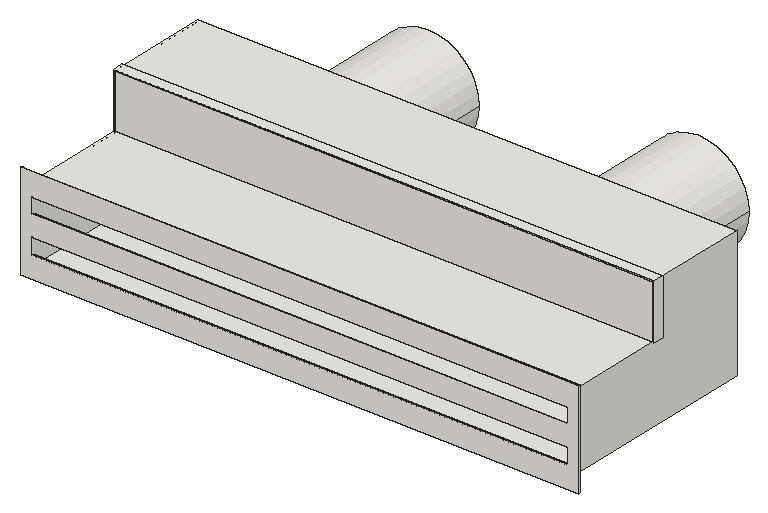
Revit family "AbmessungenKSH_Schlitzzahl = 2", category Air Terminals, Revit 2017
Family settings
  Round Connector Dimension = Use Diameter
  Part Type = Normal
  Work Plane-Based = No
  Always vertical = Yes
  Cut with Voids When Loaded = No
  Shared = No
  Room Calculation Point = No
Parameters (values of type "Nennlänge_500")
  Product material = RAL 9016
  Index = 1
  F = 100 mm  # constant formula
  E = 98 mm  # constant formula
  D = 115 mm  # constant formula
  C = 73 mm  # constant formula
  B = 125 mm  # constant formula
  A1 = A / 2  # 259 mm
  A = if(Index = 1, 518 mm, if(Index = 2, 618 mm, if(Index = 3, 818 mm, if(Index = 4, 1018 mm, 1218 mm))))  # 518 mm
Types (6, lengths in mm): name | Index | A1 | A
  (no name) | 1 | 259 | 518
  Nennlänge_500 | 1 | 259 | 518
  Nennlänge_600 | 2 | 309 | 618
  Nennlänge_800 | 3 | 409 | 818
  Nennlänge_1000 | 4 | 509 | 1018
  Nennlänge_1200 | 0 | 609 | 1218
Reference planes
  plane 1 "Center (Front/Back)": y = 0
  plane 2: z = 0
  plane 3 "Center (Left/Right)": x = 0
  plane 4: x = -259
  plane 5: x = 259
  plane 6: z = 73
  plane 7: y = 100
  plane 8: y = 200
  plane 9: z = 125
  plane 10: y = 315
  plane 11: z = 62.5
  plane 12: x = -129.5
  plane 13: x = 129.5
Forms (mm)
  Extrusion 1, solid, material "RAL 9016" <- "Product material"
    sketch origin (-259, 563.079, 1200) x (0, 1, 0) y (0, 0, 1)
      loop
        line (-563.079, -1200) -> (-363.079, -1200) -> (-363.079, -1075) -> (-463.079, -1075) -> (-463.079, -1127) -> (-563.079, -1127) -> (-563.079, -1200)
    from 0 to 1
  Extrusion 2, solid, material "RAL 9016" <- "Product material"
    sketch origin (259, 563.079, 1200) x (0, 1, 0) y (0, 0, 1)
      loop
        line (-563.079, -1200) -> (-363.079, -1200) -> (-363.079, -1075) -> (-463.079, -1075) -> (-463.079, -1127) -> (-563.079, -1127) -> (-563.079, -1200)
    from -1 to 0
  Sweep 3, solid, material "RAL 9016" <- "Product material"
    path origin (0, 0, 0) x (1, 0, 0) y (0, 1, 0)
      loop
        line (-258, 0) -> (258, 0)
    profile origin (0, 0, 0) x (0, 1, 0) y (0, 0, 1)
      loop
        line (200, 125) -> (100, 125) -> (100, 73) -> (0, 73) -> (0, 72) -> (101, 72) -> (101, 124) -> (200, 124) -> (200, 125)
  Extrusion 4, solid, material "RAL 9016" <- "Product material"
    sketch origin (0, 0, 0) x (1, 0, 0) y (0, 1, 0)
      loop
        line (-259, 200) -> (-259, 0) -> (258, 0) -> (258, 200) -> (-259, 200)
    from 0 to 1
  Extrusion 5, solid, material "RAL 9016" <- "Product material"
    sketch origin (-259, 200, 125) x (0, 0, -1) y (-1, 0, 0)
      loop
        line (1, -517) -> (124, -517) -> (124, -1) -> (1, -1) -> (1, -517)
    from 0 to -1
  Sweep 6, solid, material "RAL 9016" <- "Product material"
    path origin (0, 510.554, 62.5) x (0, 1, 0) y (-1, 0, 0)
      loop
        line (-310.554, 129.5) -> (-195.554, 129.5)
    profile origin (-129.5, 257.5, 62.5) x (-1, 0, 0) y (0, 0, 1)
      loop
        circle (0, 0) r 49
  Sweep 7, solid, material "RAL 9016" <- "Product material"
    path origin (300, 510.554, 62.5) x (0, 1, 0) y (-1, 0, 0)
      loop
        line (-310.554, 170.5) -> (-195.554, 170.5)
    profile origin (129.5, 257.5, 62.5) x (-1, 0, 0) y (0, 0, 1)
      loop
        circle (0, 0) r 49
  Extrusion 8, solid, material "RAL 9016" <- "Product material"
    sketch origin (-259, 0, 0) x (0, 0, 1) y (-1, 0, 0)
      loop
        line (61.5, -1) -> (46.5, -1) -> (46.5, -517) -> (61.5, -517) -> (61.5, -1)
      loop
        line (11.5, -517) -> (26.5, -517) -> (26.5, -1) -> (11.5, -1) -> (11.5, -517)
      loop
        line (83, -527) -> (83, 10) -> (-10, 10) -> (-10, -527) -> (83, -527)
    from 0 to 1
  Sweep 9, solid, material "RAL 9016" <- "Product material"
    path in 3D
      loop
        line (-259, 100, 73) -> (-259, 100, 125) -> (259, 100, 125) -> (259, 100, 73)
    profile origin (-259, 100, 99) x (0, 1, 0) y (-1, 0, 0)
      loop
        line (0, 0) -> (10, 0) -> (10, 0.91) -> (0, 0.91) -> (0, 0)
Cuts and joins
  joined: Extrusion 1, Extrusion 2, Sweep 3, Extrusion 4, Extrusion 5, Sweep 6, Sweep 7, Extrusion 8
Lines and regions (mm)
  sketch lines
    curve 1: line (-259, 100, 73) -> (-259, 100, 125)
    curve 2: line (259, 100, 125) -> (-259, 100, 125)
    curve 3: line (259, 100, 125) -> (259, 100, 73)
Dimensions and locks
  equal spacing: plane 4, plane 3 "Center (Left/Right)", plane 5
  "A": plane 4 to plane 5
  locked: plane 7 to plane 1 "Center (Front/Back)" at 100
  "C": plane 6 to level
  "F": plane 8 to plane 7
  "D": plane 10 to plane 8
  "B": plane 9 to level
  equal spacing: level, plane 11, plane 9
  equal spacing: plane 12, plane 3 "Center (Left/Right)", plane 13
  "A1": plane 12 to plane 13
  "E": diameter of Sweep 6 sketch curve
  "E": diameter of Sweep 7 sketch curve
  aligned and locked: level to plane 2
  aligned and locked: Sweep 3 sketch curve to Extrusion 1  (x5)
  aligned and locked: Extrusion 5 to Extrusion 2
  aligned and locked: cut or joined group of Extrusion 1, Extrusion 2, Sweep 3, Extrusion 4, Extrusion 5, Sweep 6, Sweep 7, Extrusion 8 to Extrusion 8  (x2)
Automatic sketch dimensions
  Extrusion 1 sketch curve to level = 0 mm
  Extrusion 1 sketch curve to plane 1 "Center (Front/Back)" = 0 mm
  Extrusion 1 sketch curve to plane 7 = 0 mm
  Extrusion 1 sketch curve to plane 8 = 0 mm
  Extrusion 1 sketch curve to plane 6 = 0 mm
  plane 9 to Extrusion 1 sketch curve = 0 mm
  Extrusion 2 sketch curve to level = 0 mm
  Extrusion 2 sketch curve to plane 1 "Center (Front/Back)" = 0 mm
  Extrusion 2 sketch curve to plane 7 = 0 mm
  Extrusion 2 sketch curve to plane 8 = 0 mm
  Extrusion 2 sketch curve to plane 6 = 0 mm
  plane 9 to Extrusion 2 sketch curve = 0 mm
  plane 1 "Center (Front/Back)" to Sweep 3 sketch curve = 0 mm
  plane 4 to Sweep 3 sketch curve = 1 mm
  Sweep 3 sketch curve to plane 5 = 1 mm
  Sweep 3 sketch curve to Sweep 3 sketch curve = 1 mm  (x3)
  plane 1 "Center (Front/Back)" to Extrusion 4 sketch curve = 0 mm
  Extrusion 4 sketch curve to plane 4 = 0 mm
  plane 8 to Extrusion 4 sketch curve = 0 mm
  Extrusion 4 sketch curve to plane 5 = 1 mm
  Extrusion 1 to Extrusion 5 sketch curve = 0 mm
  Extrusion 5 sketch curve to Extrusion 1 = 1 mm
  Extrusion 1 to Extrusion 5 sketch curve = 1 mm
  Extrusion 5 sketch curve to Extrusion 5 sketch curve = 516 mm
  plane 8 to Sweep 6 sketch curve = 0 mm
  plane 10 to Sweep 6 sketch curve = 0 mm
  Sweep 6 sketch curve to plane 12 = 0 mm
  plane 8 to Sweep 7 sketch curve = 0 mm
  plane 10 to Sweep 7 sketch curve = 0 mm
  Sweep 7 sketch curve to plane 13 = 0 mm
  Extrusion 8 sketch curve to Extrusion 1 = 11.5 mm  (x2)
  Extrusion 1 to Extrusion 8 sketch curve = 10 mm  (x2)
  Extrusion 8 sketch curve to Extrusion 1 = 516 mm
  Extrusion 8 sketch curve to Extrusion 8 sketch curve = 10 mm
  Extrusion 8 sketch curve to Extrusion 1 = 10 mm
  Extrusion 8 sketch curve to Extrusion 8 sketch curve = 15 mm  (x2)
  Extrusion 1 to Extrusion 8 sketch curve = 1 mm  (x2)
  profile plane to Sweep 9 sketch curve = 0 mm
  Sweep 9 sketch curve to profile plane = 0 mm
  profile plane to Sweep 9 sketch curve = 0.91 mm
  Sweep 9 sketch curve to profile plane = 10 mm
  Extrusion 8 sketch curve to Extrusion 8 sketch curve = 0 mm
  Sweep 6 sketch curve to plane 11 = 0 mm
  Sweep 6 sketch curve to profile plane = 0 mm
  Sweep 7 sketch curve to plane 11 = 0 mm
  Sweep 7 sketch curve to profile plane = 0 mm
Connectors
  hvac at (-129.5, 315, 62.5), driven by "E"
    settings: on Sweep 6, index 1, duct flow 0.0 L/s, flow factor 0, pres drop 0.0 Pa, loss coef 0, conn angle 0.00°, conn width 304.8 mm, conn height 304.8 mm, conn diameter 98 mm, duct sys type 1, conn prof type 0, flow config 0, flow direction 1, loss method 0, conn ref index -1, conn util no, is conn primary yes, conn desc ""
  hvac at (129.5, 315, 62.5), driven by "E"
    settings: on Sweep 7, index 3, duct flow 0.0 L/s, flow factor 0, pres drop 0.0 Pa, loss coef 0, conn angle 0.00°, conn width 304.8 mm, conn height 304.8 mm, conn diameter 98 mm, duct sys type 1, conn prof type 0, flow config 0, flow direction 1, loss method 0, conn ref index -1, conn util no, is conn primary no, conn desc ""
